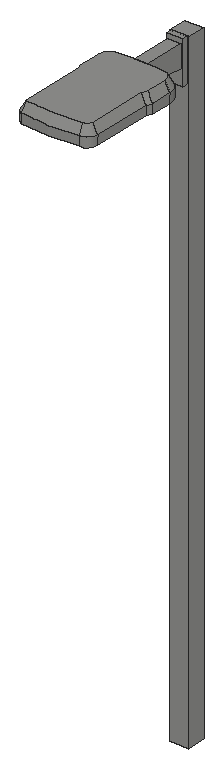
Revit family "VP-2-ASQU", category Lighting Fixtures, host Face, Revit 2019
Family settings
  Host = Face
  Round Connector Dimension = Use Diameter
  Part Type = Normal
  OmniClass Number = 23.80.70.11.14.17
  OmniClass Title = Direct/Indirect
  Cut with Voids When Loaded = No
  Light Source = No
  Shared = Yes
  Room Calculation Point = No
Parameters (values of type "VP-2-ASQU")
  Wattage Comments = "97.2W"
  Warranty = "Five year warranty"  # constant formula
  Voltage = 120 V
  URL = "https://www.currentlighting.com/beacon"
  Type Comments = "Lighting Fixture"  # constant formula
  SIZE-2 = SIZE2-ASQU : SIZE2-ASQU
  Product Page URL = "https://www.currentlighting.com/outdoor-lighting/viper-area-size-2/9606404"
  Product Documentation Link = "https://cdn.currentlighting.com/site/specsheet/BEA_VIPERSPEC.pdf"
  Power Factor = 0.9
  Pole Height [instance] = 120.00"
  Name = "Viper Area Size 2"  # constant formula
  Model = "VP-2-ASQU"
  Matt Grey = MATT GREY
  Matt Black = Matt Black
  Manufacturer = "Current Lighting"  # constant formula
  Load Classification = Lighting
  Light Output = 6297.00 cd/m²
  Lamp = "LED"  # constant formula
  Grey = Grey
  Glass = Glass
  Pole Size [instance] = 3.50"
  Features = "Featuring two different optical technologies, Micro Strike and Strike Optics, which provide the best distribution patterns for retrofit or new construction\r\nVibration rated for high vibration applications including bridges and overpasses\r\nControl options including photo control, occupancy sensing, NX Lighting Controls, wiSCAPE and 7-Pin with networked controls\r\nMounting options include: Arm, Universal Arm, Adjustable Arm, Mast Arm, Decorative Arm, Knuckle, Trunnion, Wall\r\nDistribution options include: Auto Front Row, Type 2, Type 3, Type 4 Forward, Type 4 Wide, Type 5 Narrow, Type 5 Medium, Type 5 Wide, Type 5 Rectangular, Corner Optic, and Tennis Court\r\n\r\n"  # constant formula
  Copyright = "© 2022 Current Lighting"  # constant formula
  Cool Grey = Cool Grey
  Contact Us = "https://www.currentlighting.com/contact-us"
  Certification = "UL"  # constant formula
  Description = "The Viper is an extremely versatile area/site luminaire which blends design, performance, and technology for a variety of applications."  # constant formula
  Default Elevation = 48.00"
  Finish = Arctic White
  Matt White = Matt White
  CRI = "70"  # constant formula
  Brand = "Beacon"  # constant formula
  Assembly Code = "D5020200"
  Apparent Load = 97.2 VA
Reference planes (in)
  plane 1 "Center (Front/Back)": y = 6.16697
  plane 2: z = 0
  plane 3 "Center (Left/Right)": x = 0
  plane 4: z = 3.75
  plane 5: z = -4.44
  plane 6: x = -1.75
  plane 7: x = 1.75
  plane 8: y = 4.41697
  plane 9: y = 7.91697
  plane 10: z = 120
Forms (in)
  Extrusion 1, solid, material "Cool Grey" <- "Cool Grey"
    sketch origin (0, 0, 0) x (1, 0, 0) y (0, 1, 0)
      loop
        line (-1.75, 7.91697) -> (-1.75, 4.41697) -> (1.75, 4.41697) -> (1.75, 7.91697) -> (-1.75, 7.91697)
    from 0 to 120
Lines and regions (in)
  reference lines
    curve 1: line (0, 14.42606, -3.25) -> (0, 17.42606, -0.25)
    curve 2: line (0, -2.09213, -3.25) -> (0, 14.42606, -3.25)
    curve 3: line (0, -5.09213, -0.25) -> (0, -2.09213, -3.25)
    curve 4: line (0, 14.42606, -3.25) -> (0, 17.42606, -0.25)
    curve 5: line (0, -5.09213, -0.25) -> (0, 17.42606, -0.25)
    curve 6: line (0, 17.17606, -0.77432) -> (0, 17.92606, -0.77432)
    curve 7: line (0, 17.17606, -1.52432) -> (0, 17.17606, -0.77432)
    curve 8: line (0, 16.69614, -1.52432) -> (0, 17.17606, -1.52432)
    curve 9: line (0, 14.92606, -4.25) -> (0, 16.69614, -1.52432)
    curve 10: line (0, -4.3622, -1.52432) -> (0, -2.59213, -4.25)
    curve 11: line (0, -4.84213, -1.52432) -> (0, -4.3622, -1.52432)
    curve 12: line (0, -4.84213, -0.77432) -> (0, -4.84213, -1.52432)
    curve 13: line (0, -5.59213, -0.77432) -> (0, -4.84213, -0.77432)
Dimensions and locks (in)
  plane 4 to plane 2 = 3.75"
  "Pole Size": plane 8 to plane 9
  equal spacing: plane 8, plane 1 "Center (Front/Back)", plane 9
  equal spacing: plane 6, plane 3 "Center (Left/Right)", plane 7
  "Pole Size": plane 6 to plane 7
  "Pole Height": plane 10 to plane 2
  aligned and locked: plane 2 to host face
  aligned and locked: level to host face
  aligned and locked: plane 10 to Extrusion 1
  aligned and locked: plane 3 "Center (Left/Right)" to nested 1
  aligned and locked: plane 9 to Extrusion 1 sketch curve
  aligned and locked: plane 6 to Extrusion 1 sketch curve
  aligned and locked: Extrusion 1 sketch curve to plane 8
  aligned and locked: Extrusion 1 sketch curve to plane 7
  aligned and locked: plane 10 to nested 1
Automatic sketch dimensions
  host sketch curve to host sketch curve = 96.00"
  host sketch curve to host sketch curve = 85.00"
  curve 3 to level = 0.25"
  plane 8 to curve 3 = 9.50909"
  curve 3 to curve 12 = 0.25"
  curve 11 to curve 11 = 0.47992"
  curve 2 to plane 5 = 1.19"
  curve 10 to curve 2 = 2.27008"
  curve 1 to plane 9 = 6.50909"
  curve 9 to level = 1.52432"
  curve 1 to curve 9 = 2.27008"
  curve 8 to curve 8 = 0.47992"
  curve 6 to curve 4 = 0.25"
  curve 10 to curve 3 = 1.27432"
  curve 7 to curve 1 = 0.52432"
  curve 12 to curve 3 = 0.52432"
  curve 13 to curve 3 = 0.50"
  curve 10 to plane 5 = 0.19"
  curve 10 to curve 2 = 0.50"
  curve 9 to plane 5 = 0.19"
  curve 1 to curve 9 = 0.50"
  curve 1 to curve 6 = 0.50"
Nested families (in)
  nested 1: "SIZE2-ASQU" at (0, 4.41697, 117.432) x (1, 0, 0) z (0, -1, 0), type <- "SIZE-2", type "SIZE2-ASQU"
Connectors (in)
  electrical at (0, 6.16697, 0), driven by "Power Factor", driven by "Apparent Load", driven by "Voltage"
    settings: on Extrusion 1, index 1, voltage 120 V, apparent load 97.2 VA, apparent load phase1 0 VA, apparent load phase2 0 VA, apparent load phase3 0 VA, power factor 0.9, load classification "Other", number of poles 1, system type 30, power factor state 1, is connector primary yes, connector utility no, sub classification motor no, connector description "Light Fixture"
Definition of nested family "SIZE2-ASQU"
  Parameters (values of type "SIZE2-ASQU")
    Width = 14.38"
    Wattage = 168 W
    built-in parameter 1150110 = 1 (stored number, unit not read)
    built-in parameter 1114217 = 1 (stored number, unit not read)
    Tilt Angle = 160.00°
    built-in parameter 1150109 = 1 (stored number, unit not read)
    built-in parameter 1150134 = 3
    built-in parameter 1150113 = 1 (stored number, unit not read)
    Photometric Web File = "VP-2-320L-170-3K7-4-BC.ies"
    Mounting Block Width = 3.00"
    Mount Length = 8.25"
    built-in parameter 1150105 = 1016 (stored number, unit not read)
    Lumens = 12768 lm
    built-in parameter 1150115 = 1 (stored number, unit not read)
    built-in parameter 1150137 = (empty or 0)
    built-in parameter 1150139 = (empty or 0)
    Length = 21.88"
    built-in parameter 1150112 = 1 (stored number, unit not read)
    built-in parameter 1150114 = 1 (stored number, unit not read)
    built-in parameter 1150132 = (empty or 0)
    built-in parameter 1150102 = (empty or 0)
    built-in parameter 1150107 = 3200 (stored number, unit not read)
    built-in parameter 1150138 = (empty or 0)
    built-in parameter 1150106 = 10.16 (stored number, unit not read)
    Glass = none
    Fixture = none
    built-in parameter 1150104 = 7.0606 (stored number, unit not read)
    Dimming Lamp Color Temperature Shift = (empty or 0)
    Default Elevation = 48.00"
    Color Filter = 16777215
    built-in parameter 1114218 = 1 (stored number, unit not read)
    built-in parameter 1150133 = 10 (stored number, unit not read)
  Reference planes (in)
    plane 1 "Center (Front/Back)": y = 0
    plane 2: z = 0
    plane 3 "Center (Left/Right)": x = 0
    plane 4: x = 7.19
    plane 5: x = -7.19
    plane 6: z = 8.25
    plane 7: z = 30.13
    plane 8: y = -1.74
    plane 9: y = 1.74
    plane 10: x = 1.5
    plane 11: x = -1.5
  Forms (in)
    Extrusion 1, solid
      sketch origin (0, 0, 0) x (1, 0, 0) y (0, 1, 0)
        loop
          line (-48, 48) -> (-48, -48) -> (48, -48) -> (48, 48) -> (-48, 48)
      from 0 to -12
    Extrusion 2, solid, material <- "Fixture"
      sketch origin (0, 0, 3.25) x (1, 0, 0) y (0, 0, 1)
        loop
          line (-6.90972, 13.22202) -> (-7.315, 12.17799) -> (-7.315, 8.14521)
          arc (-7.315, 8.14521) -> (-6.65907, 6.18733) -> (-4.95604, 5.01974) r 3.25
          arc (-4.95604, 5.01974) -> (0, 4.60164) -> (4.95604, 5.01974) r 29.58274
          arc (4.95604, 5.01974) -> (6.65907, 6.18733) -> (7.315, 8.14521) r 3.25
          line (7.315, 8.14521) -> (7.315, 12.17799) -> (6.8775, 13.30502) -> (6.8775, 24.46879)
          arc (6.8775, 24.46879) -> (6.31653, 25.85775) -> (4.9483, 26.46754) r 2
          arc (4.9483, 26.46754) -> (-0.47287, 26.80918) -> (-5.88692, 26.36884) r 37.73107
          arc (-5.88692, 26.36884) -> (-6.62058, 25.93919) -> (-6.90972, 25.13966) r 1.25
          line (-6.90972, 25.13966) -> (-6.90972, 13.22202)
      from 0 to 1.74
    Extrusion 3, void
      sketch origin (0, 0, 4.375) x (1, 0, 0) y (0, 0, 1)
        loop
          line (-5.94707, 9.88637) -> (-5.94707, 8.88637)
          arc (-5.94707, 8.88637) -> (-0.00354, 7.88584) -> (5.94, 8.88637) r 18.15382
          line (5.94, 8.88637) -> (5.94, 9.88637)
          arc (5.94, 9.88637) -> (-0.00354, 8.88584) -> (-5.94707, 9.88637) r 18.15382
        loop
          line (-5.85535, 7.87828) -> (-5.85535, 7.60486)
          arc (-5.85535, 7.60486) -> (0.0002, 6.63584) -> (5.85535, 7.60727) r 18.15382
          line (5.85535, 7.60727) -> (5.85535, 7.88068)
          arc (5.85535, 7.88068) -> (0.0002, 6.91466) -> (-5.85535, 7.87828) r 18.25
        loop
          line (-5.85535, 7.12828) -> (-5.85535, 6.85486)
          arc (-5.85535, 6.85486) -> (0.0002, 5.88584) -> (5.85535, 6.85727) r 18.15382
          line (5.85535, 6.85727) -> (5.85535, 7.13068)
          arc (5.85535, 7.13068) -> (0.0002, 6.16466) -> (-5.85535, 7.12828) r 18.25
      from 1 to 1.75
    Blend 4, solid, material <- "Fixture"
      base sketch origin (0, 0, 3.25) x (1, 0, 0) y (0, 0, 1)
        loop
          arc (6.8775, 24.46879) -> (6.31653, 25.85775) -> (4.9483, 26.46754) r 2
          arc (4.9483, 26.46754) -> (-0.47287, 26.80918) -> (-5.88692, 26.36884) r 37.73107
          arc (-5.88692, 26.36884) -> (-6.62058, 25.93919) -> (-6.90972, 25.13966) r 1.25
          line (-6.90972, 25.13966) -> (-6.90972, 13.22202) -> (-7.315, 12.17799) -> (-7.315, 8.14521)
          arc (-7.315, 8.14521) -> (-6.65907, 6.18733) -> (-4.95604, 5.01974) r 3.25
          arc (-4.95604, 5.01974) -> (0, 4.60164) -> (4.95604, 5.01974) r 29.58274
          arc (4.95604, 5.01974) -> (6.65907, 6.18733) -> (7.315, 8.14521) r 3.25
          line (7.315, 8.14521) -> (7.315, 12.17799) -> (6.8775, 13.30502) -> (6.8775, 24.46879)
      top sketch origin (0, 0, 3.25) x (1, 0, 0) y (0, 0, 1)
        loop
          arc (5.8775, 24.46879) -> (5.58249, 25.17801) -> (4.87152, 25.46878) r 1
          arc (4.87152, 25.46878) -> (-0.42416, 25.80959) -> (-5.71369, 25.38377) r 36.73111
          arc (-5.71369, 25.38377) -> (-5.85465, 25.2962) -> (-5.90972, 25.13966) r 0.25
          line (-5.90972, 25.13966) -> (-5.90972, 13.03474) -> (-6.315, 11.99071) -> (-6.315, 8.14521)
          arc (-6.315, 8.14521) -> (-5.87115, 6.80345) -> (-4.71471, 5.99106) r 2.25
          arc (-4.71471, 5.99106) -> (0, 5.59956) -> (4.71471, 5.99106) r 28.58482
          arc (4.71471, 5.99106) -> (5.87115, 6.80345) -> (6.315, 8.14521) r 2.25
          line (6.315, 8.14521) -> (6.315, 11.99071) -> (5.8775, 13.11774) -> (5.8775, 24.46879)
      from 0 to -1.74
    Extrusion 5, void
      sketch origin (0, 0, 3.25) x (1, 0, 0) y (0, 0, 1)
        loop
          arc (-5.91108, 12.63948) -> (0.07704, 12.98149) -> (6.065, 12.63674) r 52.38328
          line (6.065, 12.63674) -> (6.065, 24.56182) -> (-5.91108, 24.56182) -> (-5.91108, 12.63948)
      from 1 to 1.75
    Extrusion 6, solid, material <- "Glass"
      sketch origin (0, 0, 3) x (1, 0, 0) y (0, 0, 1)
        loop
          arc (-5.06487, 24.56182) -> (-5.31236, 24.45931) -> (-5.41487, 24.21182) r 0.35
          line (-5.41487, 24.21182) -> (-5.41487, 19.16182)
          arc (-5.41487, 19.16182) -> (-5.31236, 18.91434) -> (-5.06487, 18.81182) r 0.35
          line (-5.06487, 18.81182) -> (5.11803, 18.81182)
          arc (5.11803, 18.81182) -> (5.36552, 18.91434) -> (5.46803, 19.16182) r 0.35
          line (5.46803, 19.16182) -> (5.46803, 24.21182)
          arc (5.46803, 24.21182) -> (5.36552, 24.45931) -> (5.11803, 24.56182) r 0.35
          line (5.11803, 24.56182) -> (-5.06487, 24.56182)
      from 1 to 1.35
    Extrusion 7, solid, material <- "Glass"
      sketch origin (0, 0, 3) x (1, 0, 0) y (0, 0, 1)
        loop
          circle (-4.85829, 23.73694) r 0.15
        loop
          circle (-4.33955, 23.73694) r 0.15
        loop
          circle (-3.8208, 23.73694) r 0.15
        loop
          circle (-3.30205, 23.73694) r 0.15
        loop
          circle (-2.7833, 23.73694) r 0.15
        loop
          circle (-2.26455, 23.73694) r 0.15
        loop
          circle (-1.7458, 23.73694) r 0.15
        loop
          circle (-1.22705, 23.73694) r 0.15
        loop
          circle (-0.70831, 23.73694) r 0.15
        loop
          circle (-4.85829, 23.23694) r 0.15
        loop
          circle (-4.33955, 23.23694) r 0.15
        loop
          circle (-3.8208, 23.23694) r 0.15
        loop
          circle (-3.30205, 23.23694) r 0.15
        loop
          circle (-2.7833, 23.23694) r 0.15
        loop
          circle (-2.26455, 23.23694) r 0.15
        loop
          circle (-1.7458, 23.23694) r 0.15
        loop
          circle (-1.22705, 23.23694) r 0.15
        loop
          circle (-0.70831, 23.23694) r 0.15
        loop
          circle (-4.85829, 22.73694) r 0.15
        loop
          circle (-4.33955, 22.73694) r 0.15
        loop
          circle (-3.8208, 22.73694) r 0.15
        loop
          circle (-3.30205, 22.73694) r 0.15
        loop
          circle (-2.7833, 22.73694) r 0.15
        loop
          circle (-2.26455, 22.73694) r 0.15
        loop
          circle (-1.7458, 22.73694) r 0.15
        loop
          circle (-1.22705, 22.73694) r 0.15
        loop
          circle (-0.70831, 22.73694) r 0.15
        loop
          circle (-4.85829, 22.23694) r 0.15
        loop
          circle (-4.33955, 22.23694) r 0.15
        loop
          circle (-3.8208, 22.23694) r 0.15
        loop
          circle (-3.30205, 22.23694) r 0.15
        loop
          circle (-2.7833, 22.23694) r 0.15
        loop
          circle (-2.26455, 22.23694) r 0.15
        loop
          circle (-1.7458, 22.23694) r 0.15
        loop
          circle (-1.22705, 22.23694) r 0.15
        loop
          circle (-0.70831, 22.23694) r 0.15
        loop
          circle (-4.85829, 21.73694) r 0.15
        loop
          circle (-4.33955, 21.73694) r 0.15
        loop
          circle (-3.8208, 21.73694) r 0.15
        loop
          circle (-3.30205, 21.73694) r 0.15
        loop
          circle (-2.7833, 21.73694) r 0.15
        loop
          circle (-2.26455, 21.73694) r 0.15
        loop
          circle (-1.7458, 21.73694) r 0.15
        loop
          circle (-1.22705, 21.73694) r 0.15
        loop
          circle (-0.70831, 21.73694) r 0.15
        loop
          circle (-4.85829, 21.23694) r 0.15
        loop
          circle (-4.33955, 21.23694) r 0.15
        loop
          circle (-3.8208, 21.23694) r 0.15
        loop
          circle (-3.30205, 21.23694) r 0.15
        loop
          circle (-2.7833, 21.23694) r 0.15
        loop
          circle (-2.26455, 21.23694) r 0.15
        loop
          circle (-1.7458, 21.23694) r 0.15
        loop
          circle (-1.22705, 21.23694) r 0.15
        loop
          circle (-0.70831, 21.23694) r 0.15
        loop
          circle (-4.85829, 20.73694) r 0.15
        loop
          circle (-4.33955, 20.73694) r 0.15
        loop
          circle (-3.8208, 20.73694) r 0.15
        loop
          circle (-3.30205, 20.73694) r 0.15
        loop
          circle (-2.7833, 20.73694) r 0.15
        loop
          circle (-2.26455, 20.73694) r 0.15
        loop
          circle (-1.7458, 20.73694) r 0.15
        loop
          circle (-1.22705, 20.73694) r 0.15
        loop
          circle (-0.70831, 20.73694) r 0.15
        loop
          circle (-4.85829, 20.23694) r 0.15
        loop
          circle (-4.33955, 20.23694) r 0.15
        loop
          circle (-3.8208, 20.23694) r 0.15
        loop
          circle (-3.30205, 20.23694) r 0.15
        loop
          circle (-2.7833, 20.23694) r 0.15
        loop
          circle (-2.26455, 20.23694) r 0.15
        loop
          circle (-1.7458, 20.23694) r 0.15
        loop
          circle (-1.22705, 20.23694) r 0.15
        loop
          circle (-0.70831, 20.23694) r 0.15
        loop
          circle (-4.85829, 19.73694) r 0.15
        loop
          circle (-4.33955, 19.73694) r 0.15
        loop
          circle (-3.8208, 19.73694) r 0.15
        loop
          circle (-3.30205, 19.73694) r 0.15
        loop
          circle (-2.7833, 19.73694) r 0.15
        loop
          circle (-2.26455, 19.73694) r 0.15
        loop
          circle (-1.7458, 19.73694) r 0.15
        loop
          circle (-1.22705, 19.73694) r 0.15
        loop
          circle (-0.70831, 19.73694) r 0.15
      from 1.35 to 1.4
    Extrusion 8, solid, material <- "Glass"
      sketch origin (0, 0, 3) x (-1, 0, 0) y (0, 0, -1)
        loop
          circle (-4.85829, -23.73694) r 0.15
        loop
          circle (-4.33955, -23.73694) r 0.15
        loop
          circle (-3.8208, -23.73694) r 0.15
        loop
          circle (-3.30205, -23.73694) r 0.15
        loop
          circle (-2.7833, -23.73694) r 0.15
        loop
          circle (-2.26455, -23.73694) r 0.15
        loop
          circle (-1.7458, -23.73694) r 0.15
        loop
          circle (-1.22705, -23.73694) r 0.15
        loop
          circle (-0.70831, -23.73694) r 0.15
        loop
          circle (-4.85829, -23.23694) r 0.15
        loop
          circle (-4.33955, -23.23694) r 0.15
        loop
          circle (-3.8208, -23.23694) r 0.15
        loop
          circle (-3.30205, -23.23694) r 0.15
        loop
          circle (-2.7833, -23.23694) r 0.15
        loop
          circle (-2.26455, -23.23694) r 0.15
        loop
          circle (-1.7458, -23.23694) r 0.15
        loop
          circle (-1.22705, -23.23694) r 0.15
        loop
          circle (-0.70831, -23.23694) r 0.15
        loop
          circle (-4.85829, -22.73694) r 0.15
        loop
          circle (-4.33955, -22.73694) r 0.15
        loop
          circle (-3.8208, -22.73694) r 0.15
        loop
          circle (-3.30205, -22.73694) r 0.15
        loop
          circle (-2.7833, -22.73694) r 0.15
        loop
          circle (-2.26455, -22.73694) r 0.15
        loop
          circle (-1.7458, -22.73694) r 0.15
        loop
          circle (-1.22705, -22.73694) r 0.15
        loop
          circle (-0.70831, -22.73694) r 0.15
        loop
          circle (-4.85829, -22.23694) r 0.15
        loop
          circle (-4.33955, -22.23694) r 0.15
        loop
          circle (-3.8208, -22.23694) r 0.15
        loop
          circle (-3.30205, -22.23694) r 0.15
        loop
          circle (-2.7833, -22.23694) r 0.15
        loop
          circle (-2.26455, -22.23694) r 0.15
        loop
          circle (-1.7458, -22.23694) r 0.15
        loop
          circle (-1.22705, -22.23694) r 0.15
        loop
          circle (-0.70831, -22.23694) r 0.15
        loop
          circle (-4.85829, -21.73694) r 0.15
        loop
          circle (-4.33955, -21.73694) r 0.15
        loop
          circle (-3.8208, -21.73694) r 0.15
        loop
          circle (-3.30205, -21.73694) r 0.15
        loop
          circle (-2.7833, -21.73694) r 0.15
        loop
          circle (-2.26455, -21.73694) r 0.15
        loop
          circle (-1.7458, -21.73694) r 0.15
        loop
          circle (-1.22705, -21.73694) r 0.15
        loop
          circle (-0.70831, -21.73694) r 0.15
        loop
          circle (-4.85829, -21.23694) r 0.15
        loop
          circle (-4.33955, -21.23694) r 0.15
        loop
          circle (-3.8208, -21.23694) r 0.15
        loop
          circle (-3.30205, -21.23694) r 0.15
        loop
          circle (-2.7833, -21.23694) r 0.15
        loop
          circle (-2.26455, -21.23694) r 0.15
        loop
          circle (-1.7458, -21.23694) r 0.15
        loop
          circle (-1.22705, -21.23694) r 0.15
        loop
          circle (-0.70831, -21.23694) r 0.15
        loop
          circle (-4.85829, -20.73694) r 0.15
        loop
          circle (-4.33955, -20.73694) r 0.15
        loop
          circle (-3.8208, -20.73694) r 0.15
        loop
          circle (-3.30205, -20.73694) r 0.15
        loop
          circle (-2.7833, -20.73694) r 0.15
        loop
          circle (-2.26455, -20.73694) r 0.15
        loop
          circle (-1.7458, -20.73694) r 0.15
        loop
          circle (-1.22705, -20.73694) r 0.15
        loop
          circle (-0.70831, -20.73694) r 0.15
        loop
          circle (-4.85829, -20.23694) r 0.15
        loop
          circle (-4.33955, -20.23694) r 0.15
        loop
          circle (-3.8208, -20.23694) r 0.15
        loop
          circle (-3.30205, -20.23694) r 0.15
        loop
          circle (-2.7833, -20.23694) r 0.15
        loop
          circle (-2.26455, -20.23694) r 0.15
        loop
          circle (-1.7458, -20.23694) r 0.15
        loop
          circle (-1.22705, -20.23694) r 0.15
        loop
          circle (-0.70831, -20.23694) r 0.15
        loop
          circle (-4.85829, -19.73694) r 0.15
        loop
          circle (-4.33955, -19.73694) r 0.15
        loop
          circle (-3.8208, -19.73694) r 0.15
        loop
          circle (-3.30205, -19.73694) r 0.15
        loop
          circle (-2.7833, -19.73694) r 0.15
        loop
          circle (-2.26455, -19.73694) r 0.15
        loop
          circle (-1.7458, -19.73694) r 0.15
        loop
          circle (-1.22705, -19.73694) r 0.15
        loop
          circle (-0.70831, -19.73694) r 0.15
      from 1.35 to 1.4
    Extrusion 9, solid, material <- "Glass"
      sketch origin (0, 0, 3) x (1, 0, 0) y (0, 0, 1)
        loop
          arc (-5.04655, 24.2409) -> (-5.22333, 24.16768) -> (-5.29655, 23.9909) r 0.25
          line (-5.29655, 23.9909) -> (-5.29655, 19.4909)
          arc (-5.29655, 19.4909) -> (-5.22333, 19.31412) -> (-5.04655, 19.2409) r 0.25
          line (-5.04655, 19.2409) -> (-0.54655, 19.2409)
          arc (-0.54655, 19.2409) -> (-0.36977, 19.31412) -> (-0.29655, 19.4909) r 0.25
          line (-0.29655, 19.4909) -> (-0.29655, 23.9909)
          arc (-0.29655, 23.9909) -> (-0.36977, 24.16768) -> (-0.54655, 24.2409) r 0.25
          line (-0.54655, 24.2409) -> (-5.04655, 24.2409)
      from 1.35 to 1.37213
    Extrusion 10, solid, material <- "Glass"
      sketch origin (0, 0, 3) x (-1, 0, 0) y (0, 0, -1)
        loop
          line (-5.04655, -24.2409) -> (-0.54655, -24.2409)
          arc (-0.54655, -24.2409) -> (-0.36977, -24.16768) -> (-0.29655, -23.9909) r 0.25
          line (-0.29655, -23.9909) -> (-0.29655, -19.4909)
          arc (-0.29655, -19.4909) -> (-0.36977, -19.31412) -> (-0.54655, -19.2409) r 0.25
          line (-0.54655, -19.2409) -> (-5.04655, -19.2409)
          arc (-5.04655, -19.2409) -> (-5.22333, -19.31412) -> (-5.29655, -19.4909) r 0.25
          line (-5.29655, -19.4909) -> (-5.29655, -23.9909)
          arc (-5.29655, -23.9909) -> (-5.22333, -24.16768) -> (-5.04655, -24.2409) r 0.25
      from 1.35 to 1.37213
    Extrusion 11, solid, material <- "Fixture"
      sketch origin (0.125, 0, 2.875) x (1, 0, 0) y (0, 1, 0)
        loop
          line (5.34818, -1) -> (5.34818, -1.20146)
          arc (5.34818, -1.20146) -> (5.35492, -1.23973) -> (5.37436, -1.27339) r 0.1119
          line (5.37436, -1.27339) -> (5.73492, -1.70309)
          arc (5.73492, -1.70309) -> (5.76289, -1.72455) -> (5.79732, -1.73219) r 0.08147
          line (5.79732, -1.73219) -> (5.94, -1.73219) -> (5.94, -1) -> (5.34818, -1)
      from 18.55 to 18.65
    Extrusion 12, solid, material <- "Fixture"
      sketch origin (0.125, 0, 1.97261) x (1, 0, 0) y (0, 1, 0)
        loop
          line (5.34818, -1) -> (5.34818, -1.20146)
          arc (5.34818, -1.20146) -> (5.35492, -1.23973) -> (5.37436, -1.27339) r 0.1119
          line (5.37436, -1.27339) -> (5.73492, -1.70309)
          arc (5.73492, -1.70309) -> (5.76289, -1.72455) -> (5.79732, -1.73219) r 0.08147
          line (5.79732, -1.73219) -> (5.94, -1.73219) -> (5.94, -1) -> (5.34818, -1)
      from 18.55 to 18.65
    Extrusion 13, solid, material <- "Fixture"
      sketch origin (0.125, 0, 1.08079) x (1, 0, 0) y (0, 1, 0)
        loop
          line (5.34818, -1) -> (5.34818, -1.20146)
          arc (5.34818, -1.20146) -> (5.35492, -1.23973) -> (5.37436, -1.27339) r 0.1119
          line (5.37436, -1.27339) -> (5.73492, -1.70309)
          arc (5.73492, -1.70309) -> (5.76289, -1.72455) -> (5.79732, -1.73219) r 0.08147
          line (5.79732, -1.73219) -> (5.94, -1.73219) -> (5.94, -1) -> (5.34818, -1)
      from 18.55 to 18.65
    Extrusion 14, solid, material <- "Fixture"
      sketch origin (0.125, 0, 0.18897) x (1, 0, 0) y (0, 1, 0)
        loop
          line (5.34818, -1) -> (5.34818, -1.20146)
          arc (5.34818, -1.20146) -> (5.35492, -1.23973) -> (5.37436, -1.27339) r 0.1119
          line (5.37436, -1.27339) -> (5.73492, -1.70309)
          arc (5.73492, -1.70309) -> (5.76289, -1.72455) -> (5.79732, -1.73219) r 0.08147
          line (5.79732, -1.73219) -> (5.94, -1.73219) -> (5.94, -1) -> (5.34818, -1)
      from 18.55 to 18.65
    Extrusion 15, solid, material <- "Fixture"
      sketch origin (0.125, 0, -0.70181) x (1, 0, 0) y (0, 1, 0)
        loop
          line (5.34818, -1) -> (5.34818, -1.20146)
          arc (5.34818, -1.20146) -> (5.35492, -1.23973) -> (5.37436, -1.27339) r 0.1119
          line (5.37436, -1.27339) -> (5.73492, -1.70309)
          arc (5.73492, -1.70309) -> (5.76289, -1.72455) -> (5.79732, -1.73219) r 0.08147
          line (5.79732, -1.73219) -> (5.94, -1.73219) -> (5.94, -1) -> (5.34818, -1)
      from 18.55 to 18.65
    Extrusion 16, solid, material <- "Fixture"
      sketch origin (-0.125, 0, 2.875) x (-1, 0, 0) y (0, -1, 0)
        loop
          line (5.34818, 1) -> (5.94, 1) -> (5.94, 1.73219) -> (5.79732, 1.73219)
          arc (5.79732, 1.73219) -> (5.76289, 1.72455) -> (5.73492, 1.70309) r 0.08147
          line (5.73492, 1.70309) -> (5.37436, 1.27339)
          arc (5.37436, 1.27339) -> (5.35492, 1.23973) -> (5.34818, 1.20146) r 0.1119
          line (5.34818, 1.20146) -> (5.34818, 1)
      from 18.55 to 18.65
    Extrusion 17, solid, material <- "Fixture"
      sketch origin (-0.125, 0, 1.97261) x (-1, 0, 0) y (0, -1, 0)
        loop
          line (5.34818, 1) -> (5.94, 1) -> (5.94, 1.73219) -> (5.79732, 1.73219)
          arc (5.79732, 1.73219) -> (5.76289, 1.72455) -> (5.73492, 1.70309) r 0.08147
          line (5.73492, 1.70309) -> (5.37436, 1.27339)
          arc (5.37436, 1.27339) -> (5.35492, 1.23973) -> (5.34818, 1.20146) r 0.1119
          line (5.34818, 1.20146) -> (5.34818, 1)
      from 18.55 to 18.65
    Extrusion 18, solid, material <- "Fixture"
      sketch origin (-0.125, 0, 1.08079) x (-1, 0, 0) y (0, -1, 0)
        loop
          line (5.34818, 1) -> (5.94, 1) -> (5.94, 1.73219) -> (5.79732, 1.73219)
          arc (5.79732, 1.73219) -> (5.76289, 1.72455) -> (5.73492, 1.70309) r 0.08147
          line (5.73492, 1.70309) -> (5.37436, 1.27339)
          arc (5.37436, 1.27339) -> (5.35492, 1.23973) -> (5.34818, 1.20146) r 0.1119
          line (5.34818, 1.20146) -> (5.34818, 1)
      from 18.55 to 18.65
    Extrusion 19, solid, material <- "Fixture"
      sketch origin (-0.125, 0, 0.18897) x (-1, 0, 0) y (0, -1, 0)
        loop
          line (5.34818, 1) -> (5.94, 1) -> (5.94, 1.73219) -> (5.79732, 1.73219)
          arc (5.79732, 1.73219) -> (5.76289, 1.72455) -> (5.73492, 1.70309) r 0.08147
          line (5.73492, 1.70309) -> (5.37436, 1.27339)
          arc (5.37436, 1.27339) -> (5.35492, 1.23973) -> (5.34818, 1.20146) r 0.1119
          line (5.34818, 1.20146) -> (5.34818, 1)
      from 18.55 to 18.65
    Extrusion 20, solid, material <- "Fixture"
      sketch origin (-0.125, 0, -0.70181) x (-1, 0, 0) y (0, -1, 0)
        loop
          line (5.34818, 1) -> (5.94, 1) -> (5.94, 1.73219) -> (5.79732, 1.73219)
          arc (5.79732, 1.73219) -> (5.76289, 1.72455) -> (5.73492, 1.70309) r 0.08147
          line (5.73492, 1.70309) -> (5.37436, 1.27339)
          arc (5.37436, 1.27339) -> (5.35492, 1.23973) -> (5.34818, 1.20146) r 0.1119
          line (5.34818, 1.20146) -> (5.34818, 1)
      from 18.55 to 18.65
    Extrusion 21, solid, material <- "Fixture"
      sketch origin (0.125, 0, 8) x (1, 0, 0) y (0, 1, 0)
        loop
          line (5.34818, -1) -> (5.34818, -1.20146)
          arc (5.34818, -1.20146) -> (5.35492, -1.23973) -> (5.37436, -1.27339) r 0.1119
          line (5.37436, -1.27339) -> (5.73492, -1.70309)
          arc (5.73492, -1.70309) -> (5.76289, -1.72455) -> (5.79732, -1.73219) r 0.08147
          line (5.79732, -1.73219) -> (5.94, -1.73219) -> (5.94, -1) -> (5.34818, -1)
      from 18.55 to 18.65
    Extrusion 22, solid, material <- "Fixture"
      sketch origin (0.125, 0, 7.09761) x (1, 0, 0) y (0, 1, 0)
        loop
          line (5.34818, -1) -> (5.34818, -1.20146)
          arc (5.34818, -1.20146) -> (5.35492, -1.23973) -> (5.37436, -1.27339) r 0.1119
          line (5.37436, -1.27339) -> (5.73492, -1.70309)
          arc (5.73492, -1.70309) -> (5.76289, -1.72455) -> (5.79732, -1.73219) r 0.08147
          line (5.79732, -1.73219) -> (5.94, -1.73219) -> (5.94, -1) -> (5.34818, -1)
      from 18.55 to 18.65
    Extrusion 23, solid, material <- "Fixture"
      sketch origin (0.125, 0, 6.20579) x (1, 0, 0) y (0, 1, 0)
        loop
          line (5.34818, -1) -> (5.34818, -1.20146)
          arc (5.34818, -1.20146) -> (5.35492, -1.23973) -> (5.37436, -1.27339) r 0.1119
          line (5.37436, -1.27339) -> (5.73492, -1.70309)
          arc (5.73492, -1.70309) -> (5.76289, -1.72455) -> (5.79732, -1.73219) r 0.08147
          line (5.79732, -1.73219) -> (5.94, -1.73219) -> (5.94, -1) -> (5.34818, -1)
      from 18.55 to 18.65
    Extrusion 24, solid, material <- "Fixture"
      sketch origin (0.125, 0, 5.31397) x (1, 0, 0) y (0, 1, 0)
        loop
          line (5.34818, -1) -> (5.34818, -1.20146)
          arc (5.34818, -1.20146) -> (5.35492, -1.23973) -> (5.37436, -1.27339) r 0.1119
          line (5.37436, -1.27339) -> (5.73492, -1.70309)
          arc (5.73492, -1.70309) -> (5.76289, -1.72455) -> (5.79732, -1.73219) r 0.08147
          line (5.79732, -1.73219) -> (5.94, -1.73219) -> (5.94, -1) -> (5.34818, -1)
      from 18.55 to 18.65
    Extrusion 25, solid, material <- "Fixture"
      sketch origin (0.125, 0, 4.42319) x (1, 0, 0) y (0, 1, 0)
        loop
          line (5.34818, -1) -> (5.34818, -1.20146)
          arc (5.34818, -1.20146) -> (5.35492, -1.23973) -> (5.37436, -1.27339) r 0.1119
          line (5.37436, -1.27339) -> (5.73492, -1.70309)
          arc (5.73492, -1.70309) -> (5.76289, -1.72455) -> (5.79732, -1.73219) r 0.08147
          line (5.79732, -1.73219) -> (5.94, -1.73219) -> (5.94, -1) -> (5.34818, -1)
      from 18.55 to 18.65
    Extrusion 26, solid, material <- "Fixture"
      sketch origin (-0.125, 0, 8) x (-1, 0, 0) y (0, -1, 0)
        loop
          line (5.34818, 1) -> (5.94, 1) -> (5.94, 1.73219) -> (5.79732, 1.73219)
          arc (5.79732, 1.73219) -> (5.76289, 1.72455) -> (5.73492, 1.70309) r 0.08147
          line (5.73492, 1.70309) -> (5.37436, 1.27339)
          arc (5.37436, 1.27339) -> (5.35492, 1.23973) -> (5.34818, 1.20146) r 0.1119
          line (5.34818, 1.20146) -> (5.34818, 1)
      from 18.55 to 18.65
    Extrusion 27, solid, material <- "Fixture"
      sketch origin (-0.125, 0, 7.09761) x (-1, 0, 0) y (0, -1, 0)
        loop
          line (5.34818, 1) -> (5.94, 1) -> (5.94, 1.73219) -> (5.79732, 1.73219)
          arc (5.79732, 1.73219) -> (5.76289, 1.72455) -> (5.73492, 1.70309) r 0.08147
          line (5.73492, 1.70309) -> (5.37436, 1.27339)
          arc (5.37436, 1.27339) -> (5.35492, 1.23973) -> (5.34818, 1.20146) r 0.1119
          line (5.34818, 1.20146) -> (5.34818, 1)
      from 18.55 to 18.65
    Extrusion 28, solid, material <- "Fixture"
      sketch origin (-0.125, 0, 6.20579) x (-1, 0, 0) y (0, -1, 0)
        loop
          line (5.34818, 1) -> (5.94, 1) -> (5.94, 1.73219) -> (5.79732, 1.73219)
          arc (5.79732, 1.73219) -> (5.76289, 1.72455) -> (5.73492, 1.70309) r 0.08147
          line (5.73492, 1.70309) -> (5.37436, 1.27339)
          arc (5.37436, 1.27339) -> (5.35492, 1.23973) -> (5.34818, 1.20146) r 0.1119
          line (5.34818, 1.20146) -> (5.34818, 1)
      from 18.55 to 18.65
    Extrusion 29, solid, material <- "Fixture"
      sketch origin (-0.125, 0, 5.31397) x (-1, 0, 0) y (0, -1, 0)
        loop
          line (5.34818, 1) -> (5.94, 1) -> (5.94, 1.73219) -> (5.79732, 1.73219)
          arc (5.79732, 1.73219) -> (5.76289, 1.72455) -> (5.73492, 1.70309) r 0.08147
          line (5.73492, 1.70309) -> (5.37436, 1.27339)
          arc (5.37436, 1.27339) -> (5.35492, 1.23973) -> (5.34818, 1.20146) r 0.1119
          line (5.34818, 1.20146) -> (5.34818, 1)
      from 18.55 to 18.65
    Extrusion 30, solid, material <- "Fixture"
      sketch origin (-0.125, 0, 4.42319) x (-1, 0, 0) y (0, -1, 0)
        loop
          line (5.34818, 1) -> (5.94, 1) -> (5.94, 1.73219) -> (5.79732, 1.73219)
          arc (5.79732, 1.73219) -> (5.76289, 1.72455) -> (5.73492, 1.70309) r 0.08147
          line (5.73492, 1.70309) -> (5.37436, 1.27339)
          arc (5.37436, 1.27339) -> (5.35492, 1.23973) -> (5.34818, 1.20146) r 0.1119
          line (5.34818, 1.20146) -> (5.34818, 1)
      from 18.55 to 18.65
    Extrusion 31, solid, material <- "Glass"
      sketch origin (0, 0, -2.75) x (1, 0, 0) y (0, 0, 1)
        loop
          arc (-5.06487, 24.56182) -> (-5.31236, 24.45931) -> (-5.41487, 24.21182) r 0.35
          line (-5.41487, 24.21182) -> (-5.41487, 19.16182)
          arc (-5.41487, 19.16182) -> (-5.31236, 18.91434) -> (-5.06487, 18.81182) r 0.35
          line (-5.06487, 18.81182) -> (5.11803, 18.81182)
          arc (5.11803, 18.81182) -> (5.36552, 18.91434) -> (5.46803, 19.16182) r 0.35
          line (5.46803, 19.16182) -> (5.46803, 24.21182)
          arc (5.46803, 24.21182) -> (5.36552, 24.45931) -> (5.11803, 24.56182) r 0.35
          line (5.11803, 24.56182) -> (-5.06487, 24.56182)
      from 1 to 1.35
    Extrusion 32, solid, material <- "Glass"
      sketch origin (0, 0, -2.75) x (1, 0, 0) y (0, 0, 1)
        loop
          circle (-4.85829, 23.73694) r 0.15
        loop
          circle (-4.33955, 23.73694) r 0.15
        loop
          circle (-3.8208, 23.73694) r 0.15
        loop
          circle (-3.30205, 23.73694) r 0.15
        loop
          circle (-2.7833, 23.73694) r 0.15
        loop
          circle (-2.26455, 23.73694) r 0.15
        loop
          circle (-1.7458, 23.73694) r 0.15
        loop
          circle (-1.22705, 23.73694) r 0.15
        loop
          circle (-0.70831, 23.73694) r 0.15
        loop
          circle (-4.85829, 23.23694) r 0.15
        loop
          circle (-4.33955, 23.23694) r 0.15
        loop
          circle (-3.8208, 23.23694) r 0.15
        loop
          circle (-3.30205, 23.23694) r 0.15
        loop
          circle (-2.7833, 23.23694) r 0.15
        loop
          circle (-2.26455, 23.23694) r 0.15
        loop
          circle (-1.7458, 23.23694) r 0.15
        loop
          circle (-1.22705, 23.23694) r 0.15
        loop
          circle (-0.70831, 23.23694) r 0.15
        loop
          circle (-4.85829, 22.73694) r 0.15
        loop
          circle (-4.33955, 22.73694) r 0.15
        loop
          circle (-3.8208, 22.73694) r 0.15
        loop
          circle (-3.30205, 22.73694) r 0.15
        loop
          circle (-2.7833, 22.73694) r 0.15
        loop
          circle (-2.26455, 22.73694) r 0.15
        loop
          circle (-1.7458, 22.73694) r 0.15
        loop
          circle (-1.22705, 22.73694) r 0.15
        loop
          circle (-0.70831, 22.73694) r 0.15
        loop
          circle (-4.85829, 22.23694) r 0.15
        loop
          circle (-4.33955, 22.23694) r 0.15
        loop
          circle (-3.8208, 22.23694) r 0.15
        loop
          circle (-3.30205, 22.23694) r 0.15
        loop
          circle (-2.7833, 22.23694) r 0.15
        loop
          circle (-2.26455, 22.23694) r 0.15
        loop
          circle (-1.7458, 22.23694) r 0.15
        loop
          circle (-1.22705, 22.23694) r 0.15
        loop
          circle (-0.70831, 22.23694) r 0.15
        loop
          circle (-4.85829, 21.73694) r 0.15
        loop
          circle (-4.33955, 21.73694) r 0.15
        loop
          circle (-3.8208, 21.73694) r 0.15
        loop
          circle (-3.30205, 21.73694) r 0.15
        loop
          circle (-2.7833, 21.73694) r 0.15
        loop
          circle (-2.26455, 21.73694) r 0.15
        loop
          circle (-1.7458, 21.73694) r 0.15
        loop
          circle (-1.22705, 21.73694) r 0.15
        loop
          circle (-0.70831, 21.73694) r 0.15
        loop
          circle (-4.85829, 21.23694) r 0.15
        loop
          circle (-4.33955, 21.23694) r 0.15
        loop
          circle (-3.8208, 21.23694) r 0.15
        loop
          circle (-3.30205, 21.23694) r 0.15
        loop
          circle (-2.7833, 21.23694) r 0.15
        loop
          circle (-2.26455, 21.23694) r 0.15
        loop
          circle (-1.7458, 21.23694) r 0.15
        loop
          circle (-1.22705, 21.23694) r 0.15
        loop
          circle (-0.70831, 21.23694) r 0.15
        loop
          circle (-4.85829, 20.73694) r 0.15
        loop
          circle (-4.33955, 20.73694) r 0.15
        loop
          circle (-3.8208, 20.73694) r 0.15
        loop
          circle (-3.30205, 20.73694) r 0.15
        loop
          circle (-2.7833, 20.73694) r 0.15
        loop
          circle (-2.26455, 20.73694) r 0.15
        loop
          circle (-1.7458, 20.73694) r 0.15
        loop
          circle (-1.22705, 20.73694) r 0.15
        loop
          circle (-0.70831, 20.73694) r 0.15
        loop
          circle (-4.85829, 20.23694) r 0.15
        loop
          circle (-4.33955, 20.23694) r 0.15
        loop
          circle (-3.8208, 20.23694) r 0.15
        loop
          circle (-3.30205, 20.23694) r 0.15
        loop
          circle (-2.7833, 20.23694) r 0.15
        loop
          circle (-2.26455, 20.23694) r 0.15
        loop
          circle (-1.7458, 20.23694) r 0.15
        loop
          circle (-1.22705, 20.23694) r 0.15
        loop
          circle (-0.70831, 20.23694) r 0.15
        loop
          circle (-4.85829, 19.73694) r 0.15
        loop
          circle (-4.33955, 19.73694) r 0.15
        loop
          circle (-3.8208, 19.73694) r 0.15
        loop
          circle (-3.30205, 19.73694) r 0.15
        loop
          circle (-2.7833, 19.73694) r 0.15
        loop
          circle (-2.26455, 19.73694) r 0.15
        loop
          circle (-1.7458, 19.73694) r 0.15
        loop
          circle (-1.22705, 19.73694) r 0.15
        loop
          circle (-0.70831, 19.73694) r 0.15
      from 1.35 to 1.4
    Extrusion 33, solid, material <- "Glass"
      sketch origin (0, 0, -2.75) x (-1, 0, 0) y (0, 0, -1)
        loop
          circle (-4.85829, -23.73694) r 0.15
        loop
          circle (-4.33955, -23.73694) r 0.15
        loop
          circle (-3.8208, -23.73694) r 0.15
        loop
          circle (-3.30205, -23.73694) r 0.15
        loop
          circle (-2.7833, -23.73694) r 0.15
        loop
          circle (-2.26455, -23.73694) r 0.15
        loop
          circle (-1.7458, -23.73694) r 0.15
        loop
          circle (-1.22705, -23.73694) r 0.15
        loop
          circle (-0.70831, -23.73694) r 0.15
        loop
          circle (-4.85829, -23.23694) r 0.15
        loop
          circle (-4.33955, -23.23694) r 0.15
        loop
          circle (-3.8208, -23.23694) r 0.15
        loop
          circle (-3.30205, -23.23694) r 0.15
        loop
          circle (-2.7833, -23.23694) r 0.15
        loop
          circle (-2.26455, -23.23694) r 0.15
        loop
          circle (-1.7458, -23.23694) r 0.15
        loop
          circle (-1.22705, -23.23694) r 0.15
        loop
          circle (-0.70831, -23.23694) r 0.15
        loop
          circle (-4.85829, -22.73694) r 0.15
        loop
          circle (-4.33955, -22.73694) r 0.15
        loop
          circle (-3.8208, -22.73694) r 0.15
        loop
          circle (-3.30205, -22.73694) r 0.15
        loop
          circle (-2.7833, -22.73694) r 0.15
        loop
          circle (-2.26455, -22.73694) r 0.15
        loop
          circle (-1.7458, -22.73694) r 0.15
        loop
          circle (-1.22705, -22.73694) r 0.15
        loop
          circle (-0.70831, -22.73694) r 0.15
        loop
          circle (-4.85829, -22.23694) r 0.15
        loop
          circle (-4.33955, -22.23694) r 0.15
        loop
          circle (-3.8208, -22.23694) r 0.15
        loop
          circle (-3.30205, -22.23694) r 0.15
        loop
          circle (-2.7833, -22.23694) r 0.15
        loop
          circle (-2.26455, -22.23694) r 0.15
        loop
          circle (-1.7458, -22.23694) r 0.15
        loop
          circle (-1.22705, -22.23694) r 0.15
        loop
          circle (-0.70831, -22.23694) r 0.15
        loop
          circle (-4.85829, -21.73694) r 0.15
        loop
          circle (-4.33955, -21.73694) r 0.15
        loop
          circle (-3.8208, -21.73694) r 0.15
        loop
          circle (-3.30205, -21.73694) r 0.15
        loop
          circle (-2.7833, -21.73694) r 0.15
        loop
          circle (-2.26455, -21.73694) r 0.15
        loop
          circle (-1.7458, -21.73694) r 0.15
        loop
          circle (-1.22705, -21.73694) r 0.15
        loop
          circle (-0.70831, -21.73694) r 0.15
        loop
          circle (-4.85829, -21.23694) r 0.15
        loop
          circle (-4.33955, -21.23694) r 0.15
        loop
          circle (-3.8208, -21.23694) r 0.15
        loop
          circle (-3.30205, -21.23694) r 0.15
        loop
          circle (-2.7833, -21.23694) r 0.15
        loop
          circle (-2.26455, -21.23694) r 0.15
        loop
          circle (-1.7458, -21.23694) r 0.15
        loop
          circle (-1.22705, -21.23694) r 0.15
        loop
          circle (-0.70831, -21.23694) r 0.15
        loop
          circle (-4.85829, -20.73694) r 0.15
        loop
          circle (-4.33955, -20.73694) r 0.15
        loop
          circle (-3.8208, -20.73694) r 0.15
        loop
          circle (-3.30205, -20.73694) r 0.15
        loop
          circle (-2.7833, -20.73694) r 0.15
        loop
          circle (-2.26455, -20.73694) r 0.15
        loop
          circle (-1.7458, -20.73694) r 0.15
        loop
          circle (-1.22705, -20.73694) r 0.15
        loop
          circle (-0.70831, -20.73694) r 0.15
        loop
          circle (-4.85829, -20.23694) r 0.15
        loop
          circle (-4.33955, -20.23694) r 0.15
        loop
          circle (-3.8208, -20.23694) r 0.15
        loop
          circle (-3.30205, -20.23694) r 0.15
        loop
          circle (-2.7833, -20.23694) r 0.15
        loop
          circle (-2.26455, -20.23694) r 0.15
        loop
          circle (-1.7458, -20.23694) r 0.15
        loop
          circle (-1.22705, -20.23694) r 0.15
        loop
          circle (-0.70831, -20.23694) r 0.15
        loop
          circle (-4.85829, -19.73694) r 0.15
        loop
          circle (-4.33955, -19.73694) r 0.15
        loop
          circle (-3.8208, -19.73694) r 0.15
        loop
          circle (-3.30205, -19.73694) r 0.15
        loop
          circle (-2.7833, -19.73694) r 0.15
        loop
          circle (-2.26455, -19.73694) r 0.15
        loop
          circle (-1.7458, -19.73694) r 0.15
        loop
          circle (-1.22705, -19.73694) r 0.15
        loop
          circle (-0.70831, -19.73694) r 0.15
      from 1.35 to 1.4
    Extrusion 34, solid, material <- "Glass"
      sketch origin (0, 0, -2.75) x (1, 0, 0) y (0, 0, 1)
        loop
          arc (-5.04655, 24.2409) -> (-5.22333, 24.16768) -> (-5.29655, 23.9909) r 0.25
          line (-5.29655, 23.9909) -> (-5.29655, 19.4909)
          arc (-5.29655, 19.4909) -> (-5.22333, 19.31412) -> (-5.04655, 19.2409) r 0.25
          line (-5.04655, 19.2409) -> (-0.54655, 19.2409)
          arc (-0.54655, 19.2409) -> (-0.36977, 19.31412) -> (-0.29655, 19.4909) r 0.25
          line (-0.29655, 19.4909) -> (-0.29655, 23.9909)
          arc (-0.29655, 23.9909) -> (-0.36977, 24.16768) -> (-0.54655, 24.2409) r 0.25
          line (-0.54655, 24.2409) -> (-5.04655, 24.2409)
      from 1.35 to 1.37213
    Extrusion 35, solid, material <- "Glass"
      sketch origin (0, 0, -2.75) x (-1, 0, 0) y (0, 0, -1)
        loop
          line (-5.04655, -24.2409) -> (-0.54655, -24.2409)
          arc (-0.54655, -24.2409) -> (-0.36977, -24.16768) -> (-0.29655, -23.9909) r 0.25
          line (-0.29655, -23.9909) -> (-0.29655, -19.4909)
          arc (-0.29655, -19.4909) -> (-0.36977, -19.31412) -> (-0.54655, -19.2409) r 0.25
          line (-0.54655, -19.2409) -> (-5.04655, -19.2409)
          arc (-5.04655, -19.2409) -> (-5.22333, -19.31412) -> (-5.29655, -19.4909) r 0.25
          line (-5.29655, -19.4909) -> (-5.29655, -23.9909)
          arc (-5.29655, -23.9909) -> (-5.22333, -24.16768) -> (-5.04655, -24.2409) r 0.25
      from 1.35 to 1.37213
    Extrusion 36, solid, material <- "Fixture"
      sketch origin (-0.00933, 0, -0.00651) x (0, 1, 0) y (0, 0, 1)
        loop
          line (1.74, 8.93918) -> (-1.6273, 8.93918) -> (-2.86955, -1.406) -> (1.74, -1.406) -> (1.74, 8.93918)
      from -1.24 to 1.24
    Extrusion 37, solid, material <- "Fixture"
      sketch origin (-0.00933, 0, -0.00651) x (1, 0, 0) y (0, 1, 0)
        loop
          line (-1.49067, 2.568) -> (-1.49067, -5.432) -> (1.50933, -5.432) -> (1.50933, 2.568) -> (-1.49067, 2.568)
      from 0 to 1.12478
  Cuts and joins
    Extrusion 3, Extrusion 5 cuts Extrusion 2
    Extrusion 5 cuts Blend 4
    joined: Extrusion 2, Blend 4
  Dimensions and locks (in)
    equal spacing: plane 4, plane 3 "Center (Left/Right)", plane 5
    "Width": plane 4 to plane 5
    "Length": plane 7 to plane 6
    "Mount Length": plane 6 to plane 2
    equal spacing: plane 10, plane 3 "Center (Left/Right)", plane 11
    "Mounting Block Width": plane 10 to plane 11
    aligned and locked: plane 2 to Extrusion 1
    aligned and locked: level to Extrusion 1
    aligned and locked: Extrusion 37 to plane 11
    aligned and locked: plane 10 to Extrusion 37
  Automatic sketch dimensions
    Extrusion 1 sketch curve to Extrusion 1 sketch curve = 96.00"  (x2)
    Extrusion 2 sketch curve to plane 3 "Center (Left/Right)" = 0.00"
    Extrusion 2 sketch curve to plane 3 "Center (Left/Right)" = 0.12919"
    plane 5 to Extrusion 2 sketch curve = 3.125"
    plane 5 to Extrusion 2 sketch curve = 1.53028"
    plane 5 to Extrusion 2 sketch curve = 0.28028"
    Extrusion 2 sketch curve to plane 5 = 0.125"
    Extrusion 2 sketch curve to plane 4 = 3.125"
    Extrusion 2 sketch curve to plane 4 = 2.3125"
    Extrusion 2 sketch curve to plane 4 = 0.3125"
    plane 4 to Extrusion 2 sketch curve = 0.125"
    Extrusion 2 sketch curve to level = 7.67033"
    plane 6 to Extrusion 2 sketch curve = 3.14521"
    Extrusion 2 sketch curve to Extrusion 2 sketch curve = 0.00"
    Extrusion 2 sketch curve to Extrusion 2 sketch curve = 4.03278"  (x2)
    Extrusion 2 sketch curve to Extrusion 2 sketch curve = 1.04403"
    Extrusion 2 sketch curve to Extrusion 2 sketch curve = 1.12703"
    Extrusion 2 sketch curve to plane 7 = 2.41121"
    Extrusion 2 sketch curve to Extrusion 2 sketch curve = 0.67087"
    plane 7 to Extrusion 2 sketch curve = 7.30438"
    plane 6 to Extrusion 2 sketch curve = 0.01974"
    Extrusion 2 sketch curve to plane 7 = 0.51116"
    plane 5 to Extrusion 3 sketch curve = 1.24293"
    plane 5 to Extrusion 3 sketch curve = 1.33465"
    Extrusion 3 sketch curve to Extrusion 3 sketch curve = 0.00"  (x2)
    Extrusion 3 sketch curve to plane 3 "Center (Left/Right)" = 0.00354"  (x6)
    Extrusion 3 sketch curve to plane 4 = 1.33465"
    Extrusion 3 sketch curve to plane 4 = 1.25"
    plane 6 to Extrusion 3 sketch curve = 2.97986"
    level to Extrusion 3 sketch curve = 11.23227"
    Extrusion 3 sketch curve to Extrusion 3 sketch curve = 0.27343"  (x2)
    Extrusion 3 sketch curve to Extrusion 3 sketch curve = 0.27341"  (x2)
    Extrusion 3 sketch curve to Extrusion 3 sketch curve = 0.47657"
    Extrusion 3 sketch curve to Extrusion 3 sketch curve = 0.47659"
    Extrusion 3 sketch curve to Extrusion 3 sketch curve = 1.00808"
    Extrusion 3 sketch curve to Extrusion 3 sketch curve = 1.00"
    plane 7 to Extrusion 3 sketch curve = 0.28466"
    plane 7 to Extrusion 3 sketch curve = 1.28466"
    Blend 4 sketch curve to plane 3 "Center (Left/Right)" = 0.00"  (x2)
    Blend 4 sketch curve to plane 3 "Center (Left/Right)" = 0.12919"  (x2)
    plane 5 to Blend 4 sketch curve = 3.125"  (x2)
    plane 5 to Blend 4 sketch curve = 1.53028"  (x2)
    plane 5 to Blend 4 sketch curve = 0.28028"
    Blend 4 sketch curve to plane 5 = 0.125"
    Blend 4 sketch curve to plane 4 = 3.125"  (x2)
    Blend 4 sketch curve to plane 4 = 2.3125"  (x2)
    Blend 4 sketch curve to plane 4 = 0.3125"
    plane 4 to Blend 4 sketch curve = 0.125"
    Blend 4 sketch curve to level = 7.67033"  (x2)
    plane 6 to Blend 4 sketch curve = 3.14521"  (x2)
    level to Blend 4 sketch curve = 11.39521"  (x2)
    Blend 4 sketch curve to Blend 4 sketch curve = 4.03278"  (x2)
    Blend 4 sketch curve to Blend 4 sketch curve = 1.04403"  (x2)
    Blend 4 sketch curve to Blend 4 sketch curve = 1.12703"  (x2)
    Blend 4 sketch curve to plane 7 = 2.41121"  (x2)
    Blend 4 sketch curve to Blend 4 sketch curve = 0.67087"  (x2)
    plane 7 to Blend 4 sketch curve = 7.30438"  (x2)
    plane 6 to Blend 4 sketch curve = 0.01974"
    Blend 4 sketch curve to plane 7 = 0.51116"
    Blend 4 sketch curve to Blend 4 sketch curve = 0.25"
    plane 5 to Blend 4 sketch curve = 0.875"
    Blend 4 sketch curve to plane 4 = 1.3125"
    Blend 4 sketch curve to plane 4 = 0.875"
    Blend 4 sketch curve to Blend 4 sketch curve = 3.8455"  (x2)
    plane 6 to Blend 4 sketch curve = 0.99106"
    Blend 4 sketch curve to Blend 4 sketch curve = 0.05397"
    plane 5 to Extrusion 5 sketch curve = 1.27892"
    plane 3 "Center (Left/Right)" to Extrusion 5 sketch curve = 0.06506"
    Extrusion 5 sketch curve to plane 4 = 1.125"
    Extrusion 5 sketch curve to level = 36.1518"
    plane 6 to Extrusion 5 sketch curve = 7.63674"
    Extrusion 5 sketch curve to plane 7 = 2.31818"
    plane 5 to Extrusion 6 sketch curve = 1.77513"
    Extrusion 6 sketch curve to Extrusion 6 sketch curve = 0.35"  (x3)
    Extrusion 6 sketch curve to plane 4 = 2.07197"  (x2)
    Extrusion 6 sketch curve to plane 7 = 8.31818"
    Extrusion 6 sketch curve to plane 7 = 2.91818"
    plane 5 to Extrusion 7 sketch curve = 2.33171"
    Extrusion 7 sketch curve to Extrusion 7 sketch curve = 0.00"  (x61)
    Extrusion 7 sketch curve to Extrusion 7 sketch curve = 0.51875"  (x27)
    Extrusion 7 sketch curve to plane 7 = 7.39306"
    Extrusion 7 sketch curve to Extrusion 7 sketch curve = 0.50"  (x72)
    plane 4 to Extrusion 8 sketch curve = 2.33171"
    Extrusion 8 sketch curve to Extrusion 8 sketch curve = 0.00"  (x61)
    Extrusion 8 sketch curve to Extrusion 8 sketch curve = 0.51875"  (x27)
    plane 7 to Extrusion 8 sketch curve = 7.39306"
    Extrusion 8 sketch curve to Extrusion 8 sketch curve = 0.50"  (x72)
    plane 5 to Extrusion 9 sketch curve = 1.89345"
    Extrusion 9 sketch curve to Extrusion 9 sketch curve = 0.25"  (x3)
    Extrusion 9 sketch curve to plane 3 "Center (Left/Right)" = 0.54655"  (x2)
    Extrusion 9 sketch curve to plane 7 = 7.8891"
    Extrusion 9 sketch curve to plane 7 = 3.1391"
    plane 4 to Extrusion 10 sketch curve = 1.89345"
    Extrusion 10 sketch curve to Extrusion 10 sketch curve = 0.25"  (x3)
    Extrusion 10 sketch curve to plane 3 "Center (Left/Right)" = 0.54655"  (x2)
    plane 7 to Extrusion 10 sketch curve = 7.8891"
    plane 7 to Extrusion 10 sketch curve = 3.1391"
    Extrusion 11 sketch curve to plane 4 = 1.71682"
    Extrusion 11 sketch curve to plane 8 = 0.46661"
    Extrusion 11 sketch curve to Extrusion 11 sketch curve = 0.02618"
    Extrusion 11 sketch curve to Extrusion 11 sketch curve = 0.1119"
    Extrusion 11 sketch curve to plane 8 = 0.03691"
    Extrusion 11 sketch curve to Extrusion 11 sketch curve = 0.36056"
    Extrusion 11 sketch curve to plane 8 = 0.00781"
    Extrusion 11 sketch curve to Extrusion 11 sketch curve = 0.06241"
    Extrusion 11 sketch curve to Extrusion 11 sketch curve = 0.47992"
    Extrusion 11 sketch curve to Extrusion 11 sketch curve = 0.20146"
    Extrusion 12 sketch curve to plane 4 = 1.71682"
    Extrusion 12 sketch curve to plane 8 = 0.46661"
    Extrusion 12 sketch curve to Extrusion 12 sketch curve = 0.02618"
    Extrusion 12 sketch curve to Extrusion 12 sketch curve = 0.1119"
    Extrusion 12 sketch curve to plane 8 = 0.03691"
    Extrusion 12 sketch curve to Extrusion 12 sketch curve = 0.36056"
    Extrusion 12 sketch curve to plane 8 = 0.00781"
    Extrusion 12 sketch curve to Extrusion 12 sketch curve = 0.06241"
    Extrusion 12 sketch curve to Extrusion 12 sketch curve = 0.47992"
    Extrusion 12 sketch curve to Extrusion 12 sketch curve = 0.20146"
    Extrusion 13 sketch curve to plane 4 = 1.71682"
    Extrusion 13 sketch curve to plane 8 = 0.46661"
    Extrusion 13 sketch curve to Extrusion 13 sketch curve = 0.02618"
    Extrusion 13 sketch curve to Extrusion 13 sketch curve = 0.1119"
    Extrusion 13 sketch curve to plane 8 = 0.03691"
    Extrusion 13 sketch curve to Extrusion 13 sketch curve = 0.36056"
    Extrusion 13 sketch curve to plane 8 = 0.00781"
    Extrusion 13 sketch curve to Extrusion 13 sketch curve = 0.06241"
    Extrusion 13 sketch curve to Extrusion 13 sketch curve = 0.47992"
    Extrusion 13 sketch curve to Extrusion 13 sketch curve = 0.20146"
    Extrusion 14 sketch curve to plane 4 = 1.71682"
    Extrusion 14 sketch curve to plane 8 = 0.46661"
    Extrusion 14 sketch curve to Extrusion 14 sketch curve = 0.02618"
    Extrusion 14 sketch curve to Extrusion 14 sketch curve = 0.1119"
    Extrusion 14 sketch curve to plane 8 = 0.03691"
    Extrusion 14 sketch curve to Extrusion 14 sketch curve = 0.36056"
    Extrusion 14 sketch curve to plane 8 = 0.00781"
    Extrusion 14 sketch curve to Extrusion 14 sketch curve = 0.06241"
    Extrusion 14 sketch curve to Extrusion 14 sketch curve = 0.47992"
    Extrusion 14 sketch curve to Extrusion 14 sketch curve = 0.20146"
    Extrusion 15 sketch curve to plane 4 = 1.71682"
    Extrusion 15 sketch curve to plane 8 = 0.46661"
    Extrusion 15 sketch curve to Extrusion 15 sketch curve = 0.02618"
    Extrusion 15 sketch curve to Extrusion 15 sketch curve = 0.1119"
    Extrusion 15 sketch curve to plane 8 = 0.03691"
    Extrusion 15 sketch curve to Extrusion 15 sketch curve = 0.36056"
    Extrusion 15 sketch curve to plane 8 = 0.00781"
    Extrusion 15 sketch curve to Extrusion 15 sketch curve = 0.06241"
    Extrusion 15 sketch curve to Extrusion 15 sketch curve = 0.47992"
    Extrusion 15 sketch curve to Extrusion 15 sketch curve = 0.20146"
    Extrusion 16 sketch curve to plane 5 = 1.71682"
    plane 8 to Extrusion 16 sketch curve = 0.46661"
    Extrusion 16 sketch curve to Extrusion 16 sketch curve = 0.02618"
    Extrusion 16 sketch curve to Extrusion 16 sketch curve = 0.1119"
    plane 8 to Extrusion 16 sketch curve = 0.03691"
    Extrusion 16 sketch curve to Extrusion 16 sketch curve = 0.36056"
    plane 8 to Extrusion 16 sketch curve = 0.00781"
    Extrusion 16 sketch curve to Extrusion 16 sketch curve = 0.06241"
    Extrusion 16 sketch curve to Extrusion 16 sketch curve = 0.47992"
    Extrusion 16 sketch curve to Extrusion 16 sketch curve = 0.20146"
    plane 5 to Extrusion 17 sketch curve = 1.71682"
    Extrusion 17 sketch curve to plane 8 = 0.46661"
    Extrusion 17 sketch curve to Extrusion 17 sketch curve = 0.02618"
    Extrusion 17 sketch curve to Extrusion 17 sketch curve = 0.1119"
    Extrusion 17 sketch curve to plane 8 = 0.03691"
    Extrusion 17 sketch curve to Extrusion 17 sketch curve = 0.36056"
    Extrusion 17 sketch curve to plane 8 = 0.00781"
    Extrusion 17 sketch curve to Extrusion 17 sketch curve = 0.06241"
    Extrusion 17 sketch curve to Extrusion 17 sketch curve = 0.47992"
    Extrusion 17 sketch curve to Extrusion 17 sketch curve = 0.20146"
    plane 5 to Extrusion 18 sketch curve = 1.71682"
    Extrusion 18 sketch curve to plane 8 = 0.46661"
    Extrusion 18 sketch curve to Extrusion 18 sketch curve = 0.02618"
    Extrusion 18 sketch curve to Extrusion 18 sketch curve = 0.1119"
    Extrusion 18 sketch curve to plane 8 = 0.03691"
    Extrusion 18 sketch curve to Extrusion 18 sketch curve = 0.36056"
    Extrusion 18 sketch curve to plane 8 = 0.00781"
    Extrusion 18 sketch curve to Extrusion 18 sketch curve = 0.06241"
    Extrusion 18 sketch curve to Extrusion 18 sketch curve = 0.47992"
    Extrusion 18 sketch curve to Extrusion 18 sketch curve = 0.20146"
    plane 5 to Extrusion 19 sketch curve = 1.71682"
    Extrusion 19 sketch curve to plane 8 = 0.46661"
    Extrusion 19 sketch curve to Extrusion 19 sketch curve = 0.02618"
    Extrusion 19 sketch curve to Extrusion 19 sketch curve = 0.1119"
    Extrusion 19 sketch curve to plane 8 = 0.03691"
    Extrusion 19 sketch curve to Extrusion 19 sketch curve = 0.36056"
    Extrusion 19 sketch curve to plane 8 = 0.00781"
    Extrusion 19 sketch curve to Extrusion 19 sketch curve = 0.06241"
    Extrusion 19 sketch curve to Extrusion 19 sketch curve = 0.47992"
    Extrusion 19 sketch curve to Extrusion 19 sketch curve = 0.20146"
    plane 5 to Extrusion 20 sketch curve = 1.71682"
    Extrusion 20 sketch curve to plane 8 = 0.46661"
    Extrusion 20 sketch curve to Extrusion 20 sketch curve = 0.02618"
    Extrusion 20 sketch curve to Extrusion 20 sketch curve = 0.1119"
    Extrusion 20 sketch curve to plane 8 = 0.03691"
    Extrusion 20 sketch curve to Extrusion 20 sketch curve = 0.36056"
    Extrusion 20 sketch curve to plane 8 = 0.00781"
    Extrusion 20 sketch curve to Extrusion 20 sketch curve = 0.06241"
    Extrusion 20 sketch curve to Extrusion 20 sketch curve = 0.47992"
    Extrusion 20 sketch curve to Extrusion 20 sketch curve = 0.20146"
    Extrusion 21 sketch curve to plane 4 = 1.71682"
    Extrusion 21 sketch curve to plane 8 = 0.46661"
    Extrusion 21 sketch curve to Extrusion 21 sketch curve = 0.02618"
    Extrusion 21 sketch curve to Extrusion 21 sketch curve = 0.1119"
    Extrusion 21 sketch curve to plane 8 = 0.03691"
    Extrusion 21 sketch curve to Extrusion 21 sketch curve = 0.36056"
    Extrusion 21 sketch curve to plane 8 = 0.00781"
    Extrusion 21 sketch curve to Extrusion 21 sketch curve = 0.06241"
    Extrusion 21 sketch curve to Extrusion 21 sketch curve = 0.47992"
    Extrusion 21 sketch curve to Extrusion 21 sketch curve = 0.20146"
